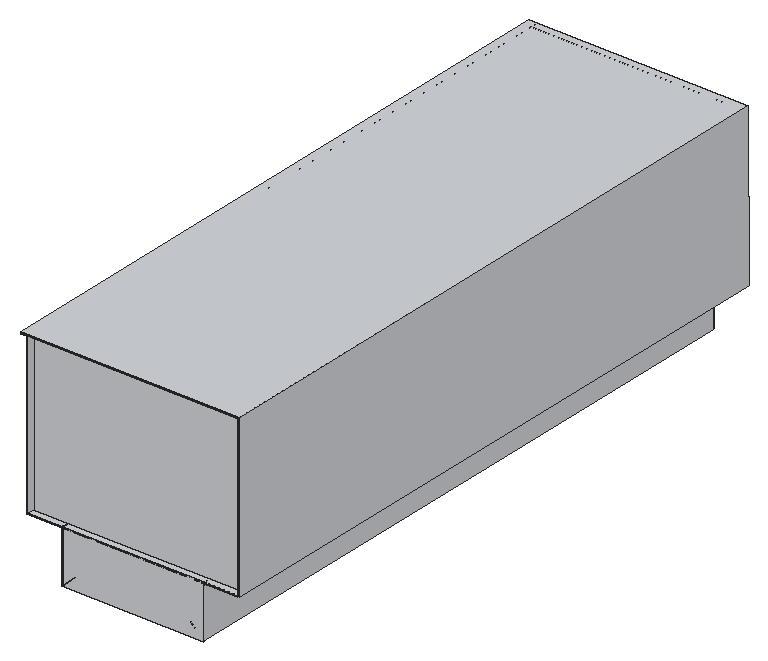
Revit family "Plenum (P-N, P-L) (Arrangement F)", category Mechanical Equipment, Revit 2015
Parameters
  Width = 0' - 8"
  URL = "https://unitedenertech.com/catalog/pdf/I_2%20Model%20P-N,%20P-L,%20P-EX,%20P-N-SL,%20P-L-SL,%20P-EX-SL.pdf"
  Type Comments = "Consult Factory for Max. Sizes"
  P-L (Insulation Option) = yes
  Model = "P-N / P-L (Arrangement F)"
  Manufacturer = "United Enertech Corporation"
  Length = 3' - 0"
  Keynote = "Model Shown without Damper Option. Consult Factory for Models with Dampers."
  Inlet Size = 0' - 6"
  Inlet Radius OD [instance] = Inlet Size / 2  # 0' - 3"
  Inlet Radius ID [instance] = Inlet Radius OD - 0' 0 9/256"  # 0' - 2 247/256"
  Hem Option = yes
  Height = 1' - 0"
  Description = "Plenum for Diffusers"
  B = 0' - 2"
  A = 0' - 3"
Reference planes (in)
  plane 1 "Center (Front/Back)": y = 0
  plane 2: z = 0
  plane 3 "Center (Left/Right)": x = 0
  plane 4: x = 12
  plane 5: x = -1.5
  plane 6: x = 0.035
  plane 7: x = 11.965
  plane 8: z = 12
  plane 9: z = 11.965
  plane 10: z = 11.93
  plane 11: z = 11
  plane 12: z = 3
  plane 13: z = 5
  plane 14: z = 8
  plane 15: y = 18
  plane 16: y = -18
  plane 17: y = 3
  plane 18: y = -3
  plane 19: y = -17.965
  plane 20: y = 17.965
  plane 21: x = -0.375
  plane 22: y = 17.59
  plane 23: y = 17.55484
  plane 24: y = -17.59
  plane 25: y = -17.55484
  plane 26: z = 2.96484
  plane 27: x = 0.07016
  plane 28: x = 11.92984
  plane 29: y = 17.05484
  plane 30: x = 0.57016
  plane 31: x = 11.42984
  plane 32: y = -17.05484
  plane 33: z = 11.43
  plane 34: x = 6
  plane 35: x = 2
  plane 36: x = 10
  plane 37: z = 2.92969
  plane 38: x = 2.03516
  plane 39: x = 9.96484
Forms (in)
  Extrusion 1, solid
    sketch origin (0, 0, 0) x (1, 0, 0) y (0, 0, 1)
      loop
        line (-0.375, 12) -> (-0.375, 11.965) -> (11.965, 11.965) -> (11.965, 2.96484) -> (9.96484, 2.96484) -> (9.96484, 0) -> (10, 0) -> (10, 2.92969) -> (12, 2.92969) -> (12, 12) -> (-0.375, 12)
    from -17.965 to 17.965
  Extrusion 2, solid
    sketch origin (0, 0, 0) x (1, 0, 0) y (0, 0, 1)
      loop
        line (-0.375, 11.965) -> (-0.375, 11.93) -> (0, 11.93) -> (0, 2.92969) -> (2, 2.92969) -> (2, 0) -> (2.03516, 0) -> (2.03516, 2.96484) -> (0.035, 2.96484) -> (0.035, 11.965) -> (-0.375, 11.965)
    from -17.965 to 17.965
  Extrusion 3, void
    sketch origin (0, 0, 0) x (0, 1, 0) y (0, 0, 1)
      loop
        circle (0, 8) r 3
    from -1.5 to 0.57016
  Extrusion 4, solid
    sketch origin (0, 0, 0) x (0, 1, 0) y (0, 0, 1)
      loop
        line (17.965, 11.965) -> (17.55484, 11.965) -> (17.55484, 2.96484) -> (18, 2.96484) -> (18, 3) -> (17.59, 3) -> (17.59, 11.93) -> (17.965, 11.93) -> (17.965, 11.965)
    from 0.035 to 11.965
  Extrusion 5, solid
    sketch origin (0, 0, 0) x (0, 1, 0) y (0, 0, 1)
      loop
        line (-17.965, 11.965) -> (-17.965, 11.93) -> (-17.59, 11.93) -> (-17.59, 3) -> (-18, 3) -> (-18, 2.96484) -> (-17.55484, 2.96484) -> (-17.55484, 11.965) -> (-17.965, 11.965)
    from 0.035 to 11.965
  Extrusion 6, solid
    sketch origin (0, 0, 0) x (1, 0, 0) y (0, 0, 1)
      loop
        line (0.035, 3) -> (0.07016, 3) -> (0.07016, 11.93) -> (0.035, 11.93) -> (0.035, 3)
    from 17.59 to 17.965
  Extrusion 7, solid
    sketch origin (0, 0, 0) x (1, 0, 0) y (0, 0, 1)
      loop
        line (0.035, 3) -> (0.07016, 3) -> (0.07016, 11.93) -> (0.035, 11.93) -> (0.035, 3)
    from -17.965 to -17.59
  Extrusion 8, solid
    sketch origin (0, 0, 0) x (1, 0, 0) y (0, 0, 1)
      loop
        line (11.92984, 3) -> (11.965, 3) -> (11.965, 11.93) -> (11.92984, 11.93) -> (11.92984, 3)
    from 17.59 to 17.965
  Extrusion 9, solid
    sketch origin (0, 0, 0) x (1, 0, 0) y (0, 0, 1)
      loop
        line (11.92984, 3) -> (11.965, 3) -> (11.965, 11.93) -> (11.92984, 11.93) -> (11.92984, 3)
    from -17.965 to -17.59
  Extrusion 10, solid
    sketch origin (0, 0, 0) x (0, 1, 0) y (0, 0, 1)
      loop
        circle (0, 8) r 3
      loop
        circle (0, 8) r 2.96484
    from -1.5 to 0
  Extrusion 11, solid, material "Rigid insulation", visible <- "P-L (Insulation Option)"
    sketch origin (0, 0, 0) x (1, 0, 0) y (0, 0, 1)
      loop
        line (0.07016, 11.43) -> (11.92984, 11.43) -> (11.92984, 11.93) -> (0.07016, 11.93) -> (0.07016, 11.43)
    from -17.55484 to 17.55484
  Extrusion 12, solid, material "Rigid insulation", visible <- "P-L (Insulation Option)"
    sketch origin (0, 0, 0) x (1, 0, 0) y (0, 1, 0)
      loop
        line (0.57016, -17.05484) -> (11.42984, -17.05484) -> (11.42984, 17.05484) -> (0.57016, 17.05484) -> (0.57016, -17.05484)
      loop
        line (0.07016, -17.55484) -> (11.92984, -17.55484) -> (11.92984, 17.55484) -> (0.07016, 17.55484) -> (0.07016, -17.55484)
    from 3 to 11.43
  Extrusion 13, solid, visible <- "Hem Option"
    sketch origin (0, 0, 0) x (1, 0, 0) y (0, 0, 1)
      loop
        line (2.03516, 0) -> (2.74226, 0.70711) -> (2.7174, 0.73197) -> (2.03516, 0.04972) -> (2.03516, 0)
    from -17.965 to 17.965
  Extrusion 14, solid, visible <- "Hem Option"
    sketch origin (0, 0, 0) x (1, 0, 0) y (0, 0, 1)
      loop
        line (9.96484, 0) -> (9.96484, 0.04972) -> (9.2826, 0.73197) -> (9.25774, 0.70711) -> (9.96484, 0)
    from -17.965 to 17.965
  Extrusion 15, solid
    sketch origin (0, 0, 0) x (0, 1, 0) y (0, 0, 1)
      loop
        line (18, 3) -> (17.965, 3) -> (17.965, 0) -> (18, 0) -> (18, 3)
    from 2 to 10
  Extrusion 16, solid
    sketch origin (0, 0, 0) x (0, 1, 0) y (0, 0, 1)
      loop
        line (-17.965, 3) -> (-18, 3) -> (-18, 0) -> (-17.965, 0) -> (-17.965, 3)
    from 2 to 10
Cuts and joins
  Extrusion 3 cuts Extrusion 2
  Extrusion 3 cuts Extrusion 12
Dimensions and locks (in)
  locked: plane 5 to plane 3 "Center (Left/Right)" at 1.5
  locked: plane 3 "Center (Left/Right)" to plane 6 at 0.035
  locked: plane 7 to plane 4 at 0.035
  locked: plane 8 to plane 9 at 0.035
  locked: plane 9 to plane 10 at 0.035
  locked: plane 8 to plane 11 at 1
  "Height": plane 8 to level
  "A": plane 12 to level
  equal spacing: plane 11, plane 14, plane 13
  "Inlet Size": plane 11 to plane 13
  equal spacing: plane 15, plane 1 "Center (Front/Back)", plane 16
  "Length": plane 15 to plane 16
  equal spacing: plane 17, plane 1 "Center (Front/Back)", plane 18
  "Inlet Size": plane 17 to plane 18
  locked: plane 19 to plane 16 at 0.035
  locked: plane 20 to plane 15 at 0.035
  locked: plane 3 "Center (Left/Right)" to plane 21 at 0.375
  locked: plane 20 to plane 22 at 0.375
  locked: plane 22 to plane 23 at 0.03516
  locked: plane 24 to plane 19 at 0.375
  locked: plane 25 to plane 24 at 0.03516
  locked: plane 12 to plane 26 at 0.03516
  locked: plane 27 to plane 6 at 0.03516
  locked: plane 28 to plane 7 at 0.03516
  locked: plane 23 to plane 29 at 0.5
  locked: plane 27 to plane 30 at 0.5
  locked: plane 31 to plane 28 at 0.5
  locked: plane 32 to plane 25 at 0.5
  locked: plane 10 to plane 33 at 0.5
  locked: Extrusion 13 sketch curve to Extrusion 13 sketch curve at 1
  locked: Extrusion 14 sketch curve to Extrusion 14 sketch curve at 1
  equal spacing: plane 4, plane 34, plane 3 "Center (Left/Right)"
  equal spacing: plane 36, plane 34, plane 35
  "Width": plane 36 to plane 35
  "B": plane 35 to plane 3 "Center (Left/Right)"
  locked: plane 26 to plane 37 at 0.03516
  locked: plane 38 to plane 35 at 0.03516
  locked: plane 36 to plane 39 at 0.03516
  "Inlet Radius OD": radius of Extrusion 3 sketch curve
  "Inlet Radius ID": radius of Extrusion 10 sketch curve
  "Inlet Radius OD": radius of Extrusion 10 sketch curve
  locked: level to Extrusion 13 sketch curve (angle 45.00°)
  locked: Extrusion 14 sketch curve to level (angle 45.00°)
  aligned and locked: level to plane 2
  aligned and locked: plane 21 to Extrusion 1 sketch curve
  aligned and locked: Extrusion 1 sketch curve to plane 8
  aligned and locked: plane 4 to Extrusion 1 sketch curve
  aligned and locked: Extrusion 1 sketch curve to plane 7
  aligned and locked: plane 9 to Extrusion 1 sketch curve
  aligned and locked: Extrusion 1 to plane 20
  aligned and locked: Extrusion 1 to plane 19
  aligned and locked: Extrusion 2 sketch curve to plane 9
  aligned and locked: plane 21 to Extrusion 2 sketch curve
  aligned and locked: plane 10 to Extrusion 2 sketch curve
  aligned and locked: Extrusion 2 sketch curve to plane 6
  aligned and locked: plane 3 "Center (Left/Right)" to Extrusion 2 sketch curve
  aligned and locked: Extrusion 2 to plane 19
  aligned and locked: Extrusion 2 to plane 20
  aligned and locked: plane 5 to Extrusion 3
  aligned and locked: Extrusion 4 sketch curve to plane 9
  aligned and locked: plane 20 to Extrusion 4 sketch curve
  aligned and locked: plane 10 to Extrusion 4 sketch curve
  aligned and locked: Extrusion 4 sketch curve to plane 15
  aligned and locked: plane 26 to Extrusion 4 sketch curve
  aligned and locked: Extrusion 4 sketch curve to plane 12
  aligned and locked: plane 22 to Extrusion 4 sketch curve
  aligned and locked: Extrusion 4 sketch curve to plane 23
  aligned and locked: Extrusion 4 to plane 6
  aligned and locked: Extrusion 4 to plane 7
  aligned and locked: plane 9 to Extrusion 5 sketch curve
  aligned and locked: Extrusion 5 sketch curve to plane 19
  aligned and locked: Extrusion 5 sketch curve to plane 10
  aligned and locked: Extrusion 5 sketch curve to plane 16
  aligned and locked: Extrusion 5 sketch curve to plane 26
  aligned and locked: plane 12 to Extrusion 5 sketch curve
  aligned and locked: Extrusion 5 sketch curve to plane 24
  aligned and locked: plane 25 to Extrusion 5 sketch curve
  aligned and locked: Extrusion 5 to plane 6
  aligned and locked: Extrusion 5 to plane 7
  aligned and locked: plane 10 to Extrusion 6 sketch curve
  aligned and locked: Extrusion 6 sketch curve to plane 6
  aligned and locked: plane 27 to Extrusion 6 sketch curve
  aligned and locked: Extrusion 6 sketch curve to plane 12
  aligned and locked: Extrusion 7 to plane 20
  aligned and locked: plane 22 to Extrusion 7
  aligned and locked: plane 24 to Extrusion 6
  aligned and locked: Extrusion 6 to plane 19
  aligned and locked: Extrusion 8 sketch curve to plane 12
  aligned and locked: Extrusion 8 sketch curve to plane 7
  aligned and locked: Extrusion 8 sketch curve to plane 28
  aligned and locked: plane 10 to Extrusion 8 sketch curve
  aligned and locked: Extrusion 9 to plane 20
  aligned and locked: plane 22 to Extrusion 9
  aligned and locked: Extrusion 8 to plane 19
  aligned and locked: plane 24 to Extrusion 8
  aligned and locked: Extrusion 10 to plane 5
  aligned and locked: plane 3 "Center (Left/Right)" to Extrusion 10
  aligned and locked: plane 10 to Extrusion 11 sketch curve
  aligned and locked: plane 28 to Extrusion 11 sketch curve
  aligned and locked: Extrusion 11 sketch curve to plane 27
  aligned and locked: Extrusion 11 sketch curve to plane 33
  aligned and locked: Extrusion 11 to plane 25
  aligned and locked: Extrusion 11 to plane 23
  aligned and locked: Extrusion 12 sketch curve to plane 27
  aligned and locked: Extrusion 12 sketch curve to plane 23
  aligned and locked: plane 28 to Extrusion 12 sketch curve
  aligned and locked: Extrusion 12 sketch curve to plane 25
  aligned and locked: Extrusion 12 sketch curve to plane 32
  aligned and locked: Extrusion 12 sketch curve to plane 30
  aligned and locked: plane 31 to Extrusion 12 sketch curve
  aligned and locked: plane 29 to Extrusion 12 sketch curve
  aligned and locked: Extrusion 12 to plane 12
  aligned and locked: plane 33 to Extrusion 12
  aligned and locked: plane 30 to Extrusion 3
  aligned and locked: level to Extrusion 13 sketch curve
  aligned and locked: Extrusion 13 to plane 19
  aligned and locked: Extrusion 13 to plane 20
  aligned and locked: level to Extrusion 14 sketch curve
  aligned and locked: Extrusion 14 to plane 20
  aligned and locked: Extrusion 14 to plane 19
  aligned and locked: plane 26 to Extrusion 2 sketch curve
  aligned and locked: Extrusion 2 sketch curve to plane 37
  aligned and locked: Extrusion 2 sketch curve to plane 35
  aligned and locked: Extrusion 2 sketch curve to level
  aligned and locked: Extrusion 2 sketch curve to plane 38
  aligned and locked: Extrusion 13 sketch curve to plane 38
  aligned and locked: plane 39 to Extrusion 14 sketch curve
  aligned and locked: plane 37 to Extrusion 1 sketch curve
  aligned and locked: Extrusion 1 sketch curve to plane 26
  aligned and locked: level to Extrusion 1 sketch curve
  aligned and locked: plane 39 to Extrusion 1 sketch curve
  aligned and locked: Extrusion 1 sketch curve to plane 36
  aligned and locked: Extrusion 15 sketch curve to level
  aligned and locked: plane 20 to Extrusion 15 sketch curve
  aligned and locked: Extrusion 15 sketch curve to plane 12
  aligned and locked: plane 15 to Extrusion 15 sketch curve
  aligned and locked: Extrusion 15 to plane 35
  aligned and locked: plane 36 to Extrusion 15
  aligned and locked: plane 12 to Extrusion 16 sketch curve
  aligned and locked: plane 19 to Extrusion 16 sketch curve
  aligned and locked: Extrusion 16 sketch curve to level
  aligned and locked: Extrusion 16 sketch curve to plane 16
  aligned and locked: Extrusion 16 to plane 35
  aligned and locked: plane 36 to Extrusion 16
Automatic sketch dimensions
  Extrusion 7 sketch curve to plane 6 = 0' - 0"
  Extrusion 7 sketch curve to plane 10 = 0' - 0"
  Extrusion 7 sketch curve to plane 27 = 0' - 0"
  Extrusion 7 sketch curve to plane 12 = 0' - 0"
  Extrusion 9 sketch curve to plane 10 = 0' - 0"
  Extrusion 9 sketch curve to plane 28 = 0' - 0"
  plane 7 to Extrusion 9 sketch curve = 0' - 0"
  Extrusion 9 sketch curve to plane 12 = 0' - 0"
  Extrusion 13 sketch curve to Extrusion 13 sketch curve = 0' - 0.02486"
  Extrusion 14 sketch curve to Extrusion 14 sketch curve = 0' - 0.02486"
  Extrusion 3 sketch curve to plane 1 "Center (Front/Back)" = 0' - 0"
  Extrusion 3 sketch curve to plane 14 = 0' - 0"
  Extrusion 10 sketch curve to Extrusion 10 sketch curve = 0' - 0"  (x2)
  Extrusion 10 sketch curve to plane 1 "Center (Front/Back)" = 0' - 0"
  Extrusion 10 sketch curve to plane 14 = 0' - 0"
